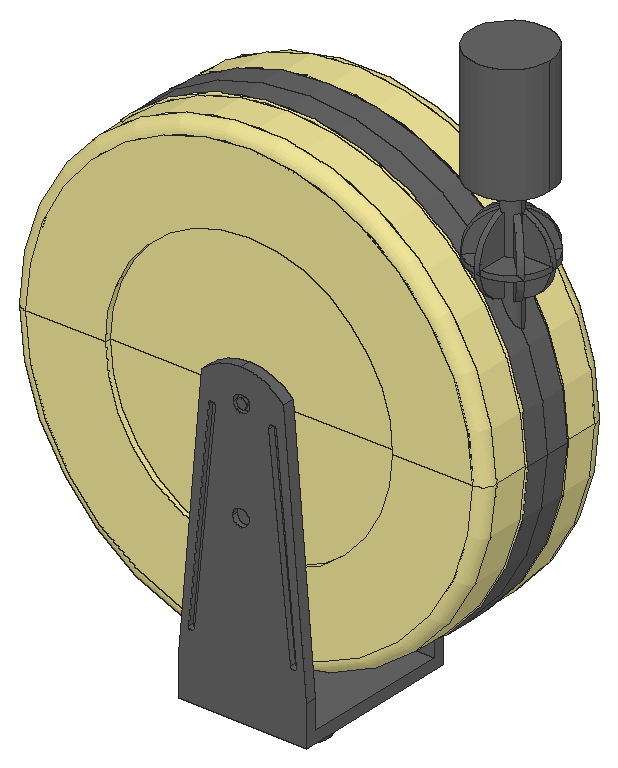
Revit family "Speciality_Equipment-Cord_Reel-Hubbell_Wiring-System_K5-HBLC25163C", category Specialty Equipment, host Face, Revit 2015
Parameters (values of type "HBLC25163C")
  Youtube clip = ""
  Weight Net (Kg) = "0"
  Wattage = 1250 W
  Voltage = 125 V
  Uniformat II Description = ""
  Uniformat II Code = ""
  Uniclass 2015 Name = "Hoses, hose reels and ancillaries"
  Uniclass 2015 Code = "Pr_65_52_38"
  Uniclass 2.0 Description = "Hoses And Hose Reels"
  Uniclass 2.0 Code = "PR-62-38"
  Uniclass 1.4 Description = "Hoses, hose reels and enclosures/cabinets"
  Uniclass 1.4 Code = "L882"
  URL = "http://www.hubbell-wiring.com/"
  UNSPSC Code = "26121635"
  Technical description = "https://hubbellcdn.com/catalogpage/Wiring_Catalog_K5_CatPage.pdf"
  Region South America = "None"
  Region Oceania = "None"
  Region North America = "US"
  Region Middle East = "None"
  Region Europe = "None"
  Region Asia = "None"
  Region Antarctica = "None"
  Region Africa = "None"
  QR code = "http://bimobject.com/hubbellwiring/product/Cord-and-Cable-Reels-HBLC25163C"
  Product url = "https://www.hubbell.com/wiringdevice-kellems/en/Products/Electrical-Electronic/WireCableHose-Management/CableCordHose-Reels/Cord-Reels/HBLC25163C/p/1646565"
  Product group = "Cord Reels"
  Product family = "Wire/Cable/Hose Management"
  Product data url = "https://bimobject.com/hubbellwiring/product/Cord-and-Cable-Reels-HBLC25163C"
  Product certification = ""
  Product SKU = "Cord-and-Cable-Reels-HBLC25163C"
  Product Page URL = "https://www.hubbell.com/wiringdevice-kellems/en/Products/Electrical-Electronic/WireCableHose-Management/CableCordHose-Reels/Cord-Reels/HBLC25163C/p/1646565"
  Product Guid = "b04c4e90-8c66-4635-b28a-cdfa7a0f4381"
  Product Documentation Link = "https://hubbellcdn.com/catalogpage/Wiring_Catalog_K5_CatPage.pdf"
  OmniClass Description = "Electrical Cable Reels"
  OmniClass Code = "23-35 33 17 11"
  Nominal width = 0.000"
  Nominal height = 0.000"
  NBS Reference Description = "Hoses And Hose Reels"
  NBS Reference Code = "62-38"
  Model = "HBLC25163C"
  Material secondary = ""
  Material main = "Steel"
  Masterformat 2014 Description = "Boxes for Electrical Systems"
  Masterformat 2014 Code = "26 05 33.16"
  Manufacturer name = "Hubbell Wiring Device-Kellems"
  Manufacturer country = "United States"
  Manufacturer = "Hubbell Wiring Device-Kellems"  # constant formula
  Installation instructions = ""
  IFC Classification = "Electric Distribution"
  Hardware Material = Metal-Hubbell-Yellow
  Electrical Connector Description = "Commercial Cord Reel"
  Edition number = 1
  EAN code = ""
  Design country = "United States"
  Description = "Reel with a Hubbell HBL5969VBLK connector, yellow."
  Default Elevation = 0.000"
  Date of publishing = ""
  Create Date = "09/19/2018"  # constant formula
  Cover Material = Metal-Hubbell-Black
  Copyright = "Copyright © 2018 Hubbell"
  COBIe Type Category = ""
  Brand url = "http://www.hubbell-wiring.com/"
  BIMobject main category code = "electrical"
  BIMobject main category = "Electrical"
  BIMobject category code = "electrical-outlets-sockets"
  BIMobject category = "Outlets & Sockets"
  Assembly Code = "D5090900"
  Amps = 10 A
Reference planes (in)
  plane 1 "Center (Front/Back)": y = 0
  plane 2: z = 0
  plane 3 "Center (Left/Right)": x = 0
  plane 4: z = 11.38
  plane 5: x = 4.5
  plane 6: y = -1.415
  plane 7: y = 1.415
Forms (in)
  Revolve 1, solid, material "Metal-Hubbell-Yellow" <- "Hardware Material"
    sketch origin (0, 0, 6.50979) x (1, 0, 0) y (0, 1, 0)
      loop
        line (0, 1.415) -> (0, -1.315) -> (2.719, -1.315) -> (2.719, -1.415) -> (4.219, -1.415)
        arc (4.219, -1.415) -> (4.39578, -1.34178) -> (4.469, -1.165) r 0.25
        line (4.469, -1.165) -> (4.469, -0.49998)
        arc (4.469, -0.49998) -> (4.49086, -0.49156) -> (4.5, -0.47) r 0.03
        line (4.5, -0.47) -> (4.5, 0) -> (4.5, 0.47)
        arc (4.5, 0.47) -> (4.49086, 0.49156) -> (4.469, 0.49998) r 0.03
        line (4.469, 0.49998) -> (4.469, 1.165)
        arc (4.469, 1.165) -> (4.39578, 1.34178) -> (4.219, 1.415) r 0.25
        line (4.219, 1.415) -> (0, 1.415)
      axis (0, 1.415) -> (0, -1.415)
    angle from 0 to 360
  Extrusion 2, solid, material "Metal-Hubbell-Black" <- "Cover Material"
    sketch origin (0, 0, 0) x (1, 0, 0) y (0, 0, 1)
      loop
        line (-0.74275, 6.83329) -> (-1.17853, 1.85232) -> (-1.17853, 1.10232) -> (1.24103, 1.10232) -> (1.24103, 1.85232) -> (0.81128, 6.76433)
        arc (0.81128, 6.76433) -> (0.44355, 7.02902) -> (0, 7.12149) r 1.09097
        arc (0, 7.12149) -> (-0.39862, 7.04761) -> (-0.74275, 6.83329) r 1.09097
    from 1.41129 to 1.61129
  Extrusion 3, solid, material "Metal-Hubbell-Black" <- "Cover Material"
    sketch origin (0, 0, 0) x (1, 0, 0) y (0, 0, -1)
      loop
        arc (-0.85226, -5.58159) -> (0.05754, -5.99518) -> (0.92239, -5.49437) r 1.09097
        line (0.92239, -5.49437) -> (1.24103, -1.85232) -> (1.24103, -1.10232) -> (-1.17853, -1.10232) -> (-1.17853, -1.85232) -> (-0.85226, -5.58159)
    from 1.41129 to 1.61129
  Extrusion 4, solid, material "Metal-Hubbell-Black" <- "Cover Material"
    sketch origin (0, 0, 0) x (1, 0, 0) y (0, 1, 0)
      loop
        line (-1.17853, 1.61129) -> (-1.17853, -1.61129) -> (1.24103, -1.61129) -> (1.24103, 1.61129) -> (-1.17853, 1.61129)
    from 1.10232 to 1.30232
  Revolve 5, solid, material "Metal-Hubbell-Black" <- "Cover Material"
    sketch origin (0, 0, 0.60156) x (1, 0, 0) y (0, 1, 0)
      loop
        circle (0.42523, 0) r 0.075
      axis (0, 0) -> (0, -0.03937)
    angle from -42.42 to 294.798
  Extrusion 6, void
    sketch origin (0, 0, 0) x (1, 0, 0) y (0, 0, 1)
      loop
        circle (0, 4.56841) r 0.159
      loop
        line (0.53266, 6.27006) -> (0.94061, 2.38863)
        arc (0.94061, 2.38863) -> (1.00284, 2.32933) -> (1.05907, 2.39436) r 0.05937
        line (1.05907, 2.39436) -> (0.68184, 6.28573)
        arc (0.68184, 6.28573) -> (0.59941, 6.35248) -> (0.53266, 6.27006) r 0.075
      loop
        arc (-0.47016, 6.27006) -> (-0.53691, 6.35248) -> (-0.61934, 6.28573) r 0.075
        line (-0.61934, 6.28573) -> (-0.99657, 2.39436)
        arc (-0.99657, 2.39436) -> (-0.94034, 2.32933) -> (-0.87811, 2.38863) r 0.05937
        line (-0.87811, 2.38863) -> (-0.47016, 6.27006)
    from 1.51186 to 1.61129
  Revolve 7, void
    sketch origin (0.01293, -0.00774, 6.50413) x (1, 0, 0) y (0, 1, 0)
      loop
        line (0.06639, -1.51186) -> (0.09303, -1.61129) -> (0.159, -1.61129) -> (0.159, -1.51186) -> (0.06639, -1.51186)
      axis (0, -1.61129) -> (0, -1.51186)
    angle from 0 to 360
  Blend 8, solid, material "Metal-Hubbell-Yellow" <- "Hardware Material"
    base sketch origin (30.94292, 1.75, 48) x (1, 0, 0) y (0, 0, 1)
      loop
        circle (-30.94292, -41.49473) r 0.5
    top sketch origin (30.94292, 1.75, 48) x (1, 0, 0) y (0, 0, 1)
      loop
        circle (-30.94292, -41.49473) r 0.2
    from 0.29769 to 0.00072
  Extrusion 9, solid, material "Metal-Hubbell-Yellow" <- "Hardware Material"
    sketch origin (0, 0, 0) x (1, 0, 0) y (0, 0, 1)
      loop
        circle (0, 6.50527) r 0.2
    from -1.88078 to -1.74928
  Sweep 10, solid, material "Metal-Hubbell-Yellow" <- "Hardware Material"
    path origin (0, 0, 13.00965) x (0, 1, 0) y (0, 0, -1)
      loop
        line (1.88078, 6.50527) -> (2.08078, 6.50527)
        arc (2.08078, 6.50527) -> (2.29291, 6.4174) -> (2.38078, 6.20527) r 0.3
        line (2.38078, 6.20527) -> (2.38078, 5.45527)
    profile origin (0, 1.98078, 6.50437) x (0, 0, -1) y (-1, 0, 0)
      loop
        circle (0, 0) r 0.065
  Extrusion 11, solid, material "Metal-Hubbell-Black" <- "Cover Material", detail levels medium+fine
    sketch origin (-0.125, 0, 9.625) x (1, 0, 0) y (0, 1, 0)
      loop
        circle (3.94844, 0) r 0.75
    from 0 to 0.1
  Extrusion 12, solid, material "Metal-Hubbell-Black" <- "Cover Material", detail levels medium+fine
    sketch origin (3.72344, 0, 13.67344) x (0, 0, -1) y (0, 1, 0)
      loop
        circle (3.94844, 0) r 0.75
    from 0 to 0.1
  Extrusion 13, solid, material "Metal-Hubbell-Black" <- "Cover Material", detail levels medium+fine
    sketch origin (3.82344, 0.1, 13.67344) x (0, 0, -1) y (1, 0, 0)
      loop
        circle (3.94844, 0) r 0.75
    from 0 to 0.1
  Extrusion 14, solid, material "Metal-Hubbell-Black" <- "Cover Material", detail levels medium+fine
    sketch origin (3.89415, 0.07071, 13.67344) x (0, 0, -1) y (0.707107, -0.707107, 0)
      loop
        circle (3.94844, 0) r 0.75
    from 0 to 0.1
  Extrusion 15, solid, material "Metal-Hubbell-Black" <- "Cover Material", detail levels medium+fine
    sketch origin (3.75273, 0.07071, 13.67344) x (0, 0, -1) y (0.707107, 0.707107, 0)
      loop
        circle (3.94844, 0) r 0.75
    from 0 to 0.1
  Extrusion 16, solid, material "Metal-Hubbell-Black" <- "Cover Material", detail levels fine
    sketch origin (0.25, 0, -0.75) x (1, 0, 0) y (0, 1, 0)
      loop
        circle (3.57892, 0) r 0.18621
    from 8.98212 to 11.73371
  Extrusion 17, solid, material "Metal-Hubbell-Black" <- "Cover Material", detail levels fine
    sketch origin (0.20563, -0.00286, 10.98371) x (1, 0, 0) y (0, 1, 0)
      loop
        circle (3.59078, 0.01016) r 0.75
    from 0 to 2.21011
Cuts and joins
  Extrusion 6 cuts Revolve 1
  joined: Revolve 1, Blend 8, Extrusion 9, Sweep 10
  Extrusion 6, Revolve 7 cuts Extrusion 2
  joined: Extrusion 2, Extrusion 3, Extrusion 4
  joined: Extrusion 16, Extrusion 17
Lines and regions (in)
  symbolic lines
    curve 1: line (-4.47636, 1.77371, 0) -> (4.52364, 1.77371, 0)
    curve 2: line (-4.47636, -1.47629, 0) -> (-4.47636, 1.77371, 0)
    curve 3: line (4.52364, -1.47629, 0) -> (-4.47636, -1.47629, 0)
    curve 4: line (4.52364, 1.77371, 0) -> (4.52364, -1.47629, 0)
    curve 5: arc (-4.469, 0, 6.50979) -> (0, 0, 10.97879) -> (4.469, 0, 6.50979) r 4.469
    curve 6: arc (4.469, 0, 6.50979) -> (0, 0, 2.04079) -> (-4.469, 0, 6.50979) r 4.469
    curve 16: line (-0.74275, 0, 6.83329) -> (-1.17853, 0, 1.85232)
    curve 17: line (-1.17853, 0, 1.85232) -> (-1.17853, 0, 1.10232)
    curve 18: line (-1.17853, 0, 1.10232) -> (1.24103, 0, 1.10232)
    curve 19: line (1.24103, 0, 1.10232) -> (1.24103, 0, 1.85232)
    curve 20: line (1.24103, 0, 1.85232) -> (0.81128, 0, 6.76433)
    curve 21: arc (0.81128, 0, 6.76433) -> (0.44355, 0, 7.02902) -> (0, 0, 7.12149) r 1.09097
    curve 22: arc (0, 0, 7.12149) -> (-0.39862, 0, 7.04761) -> (-0.74275, 0, 6.83329) r 1.09097
    curve 26: arc (0.20981, 0, 1.05566) -> (-0.29524, 0, 0.19461) -> (0.36957, 0, 0.93927) r 0.50158
    curve 27: line (0, 1.61129, 5.99649) -> (0, 1.41542, 5.99649)
    curve 28: line (0, 1.41542, 1.30232) -> (0, -1.41129, 1.30232)
    curve 29: line (0, -1.41129, 7.12149) -> (0, -1.61442, 7.12149)
    curve 30: line (0, -1.61442, 7.12149) -> (0, -1.61442, 1.10587)
    curve 31: line (0, -1.61442, 1.10587) -> (0, 1.61129, 1.10587)
    curve 32: line (0, 1.61129, 1.10587) -> (0, 1.61129, 5.99649)
    curve 33: line (0, 1.41542, 1.30232) -> (0, 1.41542, 2.2922)
    curve 34: line (0, -1.41129, 10.72444) -> (0, -1.41129, 2.28808)
    curve 35: line (0, 0.08819, 1.10587) -> (0, -0.0824, 1.10587)
    curve 36: line (0, 0.08819, 0.10587) -> (0, 0.08819, 1.10587)
    curve 37: line (0, -0.0824, 0.10587) -> (0, 0.08819, 0.10587)
    curve 38: line (0, -0.0824, 1.10587) -> (0, -0.0824, 0.10587)
    curve 52: line (0, -1.41129, 2.28808) -> (0, -1.41129, 1.30232)
    curve 53: line (0, 1.41542, 2.2922) -> (0, 1.41542, 10.72423)
    curve 54: line (0, -0.49998, 10.97444) -> (0, -1.16129, 10.97444)
    curve 55: line (0, 0.49998, 10.97423) -> (0, 1.16542, 10.97423)
    curve 56: line (0, 0.47272, 11.00907) -> (0, -0.47615, 11.00907)
    curve 57: line (0, 0.49998, 10.9818) -> (0, 0.49998, 10.97423)
    curve 58: line (0, -0.49998, 10.98523) -> (0, -0.49998, 10.97444)
    curve 59: arc (0, -1.16129, 10.97444) -> (0, -1.33807, 10.90122) -> (0, -1.41129, 10.72444) r 0.25
    curve 60: arc (0, 1.16542, 10.97423) -> (0, 1.3422, 10.901) -> (0, 1.41542, 10.72423) r 0.25
    curve 61: arc (0, 0.47272, 11.00907) -> (0, 0.492, 11.00108) -> (0, 0.49998, 10.9818) r 0.02727
    curve 62: arc (0, -0.47615, 11.00907) -> (0, -0.493, 11.00209) -> (0, -0.49998, 10.98523) r 0.02383
    curve 63: line (0, -0.49998, 2.03808) -> (0, -1.16129, 2.03808)
    curve 64: line (0, 0.49998, 2.0422) -> (0, 1.16542, 2.0422)
    curve 65: line (0, 0.47272, 2.00736) -> (0, -0.47615, 2.00736)
    curve 66: line (0, 0.49998, 2.03463) -> (0, 0.49998, 2.0422)
    curve 67: line (0, -0.49998, 2.03119) -> (0, -0.49998, 2.03808)
    curve 68: arc (0, -1.16129, 2.03808) -> (0, -1.33807, 2.1113) -> (0, -1.41129, 2.28808) r 0.25
    curve 69: arc (0, 1.16542, 2.0422) -> (0, 1.3422, 2.11542) -> (0, 1.41542, 2.2922) r 0.25
    curve 70: arc (0, 0.47272, 2.00736) -> (0, 0.492, 2.01535) -> (0, 0.49998, 2.03463) r 0.02727
    curve 71: arc (0, -0.47615, 2.00736) -> (0, -0.493, 2.01434) -> (0, -0.49998, 2.03119) r 0.02383
  symbolic lines, detail levels medium+fine
    curve 7: arc (2.719, 0, 6.50979) -> (0, 0, 3.79079) -> (-2.719, 0, 6.50979) r 2.719
    curve 8: arc (-2.719, 0, 6.50979) -> (0, 0, 9.22879) -> (2.719, 0, 6.50979) r 2.719
    curve 23: line (0.36957, 0, 0.93927) -> (0.25854, 0, 0.83781)
    curve 24: line (0.20981, 0, 1.05566) -> (0.14689, 0, 0.9195)
    curve 25: arc (0.14689, 0, 0.9195) -> (-0.20577, 0, 0.32029) -> (0.25854, 0, 0.83781) r 0.34937
  symbolic lines, detail levels fine
    curve 9: line (4.54641, 0, 10.98371) -> (3.04641, 0, 10.98371)
    curve 10: line (3.04641, 0, 10.98371) -> (3.04641, 0, 13.19382)
    curve 11: line (3.04641, 0, 13.19382) -> (4.54641, 0, 13.19382)
    curve 12: line (4.54641, 0, 13.19382) -> (4.54641, 0, 10.98371)
    curve 13: line (3.64272, 0, 10.98371) -> (3.99986, 0, 10.98371)
    curve 14: line (3.64272, 0, 9.09873) -> (3.64272, 0, 10.98371)
    curve 15: line (3.99986, 0, 10.98371) -> (3.99986, 0, 8.50304)
    curve 39: line (0, 1.74928, 6.70527) -> (0, 1.41542, 7.03912)
    curve 40: line (0, 1.74928, 6.30527) -> (0, 1.41542, 5.99649)
    curve 41: line (0, 1.74928, 6.70527) -> (0, 1.88078, 6.70527)
    curve 42: line (0, 1.74928, 6.30527) -> (0, 1.74928, 6.70527)
    curve 43: line (0, 1.88078, 6.30527) -> (0, 1.74928, 6.30527)
    curve 44: line (0, 1.88078, 6.70527) -> (0, 1.88078, 6.30527)
    curve 45: line (0, 2.31578, 7.55437) -> (0, 2.44578, 7.55437)
    curve 46: line (0, 2.31578, 7.55437) -> (0, 2.31578, 6.81907)
    curve 47: line (0, 2.06578, 6.56907) -> (0, 1.88078, 6.56907)
    curve 48: line (0, 1.88078, 6.44048) -> (0, 2.08739, 6.44048)
    curve 49: line (0, 2.44578, 7.55437) -> (0, 2.44578, 6.79887)
    curve 50: arc (0, 2.06578, 6.56907) -> (0, 2.24256, 6.6423) -> (0, 2.31578, 6.81907) r 0.25
    curve 51: arc (0, 2.08739, 6.44048) -> (0, 2.34081, 6.54545) -> (0, 2.44578, 6.79887) r 0.35839
Dimensions and locks (in)
  Sweep 10 to cut or joined group of Revolve 1, Extrusion 6, Blend 8, Extrusion 9, Sweep 10 = 3.73078"
  cut or joined group of Extrusion 2, Extrusion 3, Extrusion 4, Extrusion 6, Revolve 7 to cut or joined group of Revolve 1, Extrusion 6, Blend 8, Extrusion 9, Sweep 10 = 2.72629"
  aligned and locked: plane 2 to host face
  aligned and locked: level to host face
  aligned and locked: Extrusion 4 to Extrusion 2
Connectors (in)
  electrical at (0.03125, 0, 1.10232), driven by "Electrical Connector Description"
    settings: on cut or joined group of Extrusion 2, Extrusion 3, Extrusion 4, Extrusion 6, Revolve 7, index 1, voltage 120 V, apparent load 0 VA, apparent load phase1 0 VA, apparent load phase2 0 VA, apparent load phase3 0 VA, power factor 1, load classification "Power", number of poles 1, system type 30, power factor state 1, is connector primary yes, connector utility no, sub classification motor no, connector description "Commercial Cord Reel"
